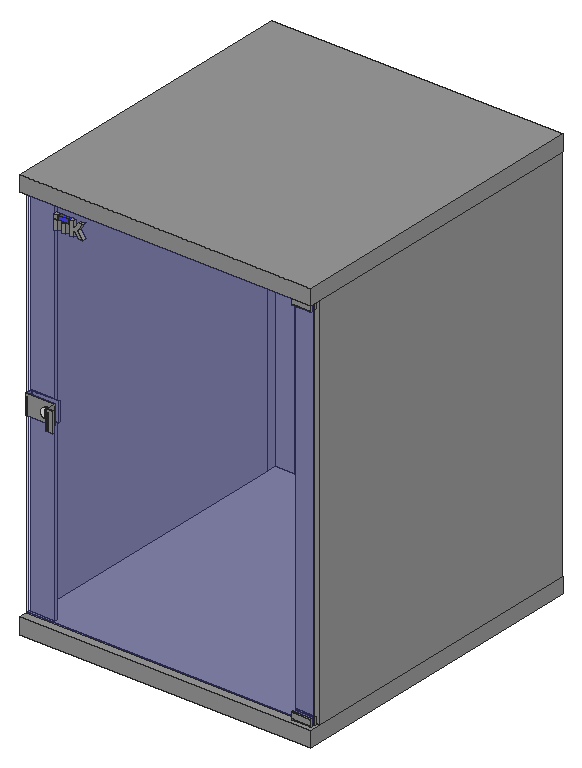
Revit family "ITK_Шкаф  LINEA WE_настенный_6U-18U_IP20", category Электрооборудование, Revit 2019
Family settings
  Размер круглого соединителя = Использовать диаметр
  Тип детали = Другая панель
  На основе рабочей плоскости = Нет
  Всегда вертикально = Да
  При загрузке вырезать с полостями = Нет
  Общий = Нет
  Точка расчета площади = Нет
Parameters (values of type "В850хШ600хГ650_Серый_GF")
  Ширина = 600 mm
  Степень защиты = "IP20"  # constant formula
  Основание = 32 mm
  Материал стекла = Стекло
  Материал = Окраска - RAL 7035
  Комплект двери стеклянной_ITK = yes
  Комплект двери металлической_ITK = no
  Крышка задняя = no
  Изготовитель = "ITK"  # constant formula
  Дата изменения = ""
  Глубина = 650 mm
  Высота = 850 mm
  УГО двухдверного шкафа = no
  Тип монтажа = "Навесной"  # constant formula
  ΔХ [instance] = 2000 mm
  ΔY [instance] = 2000 mm
  URL = "https://www.iek.ru/"
  KSI_CPr_Строительные изделия = "61.1.04.08"  # constant formula
  KSI_CMa_Строительные материалы = "10.03.02.06"  # constant formula
  IEK_Цена за единицу = 9647.42
  IEK_Поиск в таблице имен = ""
  IEK_Описание = "Широкий ассортимент исполнений и габаритов. Сборно-разборная конструкция. Сборка и монтаж за 10 минут. L-образная форма 19\" монтажных профилей. 19\" монтажные профили регулируются по глубине и имеют цифровую маркировку высоты в юнитах. Компактность и малый вес. Все токопроводящие элементы конструкции имеют шпильки заземления. Дверь может легко и быстро перенавешиваться. Защитная пленка на стекле у обзорной двери. Хорошая естественная вентиляция, возможность установки дополнительных вентиляторных панелей серии ПВ. Наличие большого количества совместимых аксессуаров и комплектующих производства ITK. Выполнены в соответствии со стандартами IEC62208, IEC60950, ТР ТС 020/2011, ГОСТ 28601.1-90 и 28601.2-90, ГОСТ 14254. Поставляются в плоской компактной упаковке."
  IEK_URL = "https://www.itk-group.ru/produktsiya/catalog/oborudovanie_telekommunikatsionnoe/shkafy_telekommunikatsionnye/shkafy_nastennye/shkafy_serii_linea_we/600x650mm/itk_shkaf_nastennyy_linea_we_18u_600kh650mm_dver_steklo_seryy"
  ADSK_Примечание = ""
  ADSK_Позиция [instance] = ""
  ADSK_Наименование = "ITK Шкаф настенный LINEA WE 18U В850хШ600хГ650 мм, стеклянная  дверь,  серый"
  ADSK_Материал обозначение = ""
  ADSK_Материал наименование = "Листовая сталь"  # constant formula
  ADSK_Масса = 26
  ADSK_Марка = "LINEA WE"  # constant formula
  ADSK_Код изделия = "LWE3-18U67-GF"
  ADSK_Завод-изготовитель = "IEK"  # constant formula
  ADSK_Единица измерения = "шт"  # constant formula
  ADSK_Группирование = "I. ЩИТЫ И ПУЛЬТЫ"  # constant formula
  ADSK_Версия семейства = "1.0"  # constant formula
  ADSK_Версия Revit = "2019"  # constant formula
  ADSK_URL страницы изделия = "https://www.itk-group.ru/produktsiya/catalog/oborudovanie_telekommunikatsionnoe/shkafy_telekommunikatsionnye/shkafy_nastennye/shkafy_serii_linea_we/?pagec=100"
Types (48, lengths in mm): name | Ширина | Материал стекла | Материал | Комплект двери стеклянной_ITK | Комплект двери металлической_ITK | Глубина | Высота | IEK_Цена за единицу | IEK_URL | ADSK_Наименование | ADSK_Масса | ADSK_Код изделия
  В320хШ550хГ350_Серый_GF | 550 | Стекло | Окраска - RAL 7035 | yes | no | 350 | 320 | 4905.9 | "https://www.itk-group.ru/produktsiya/catalog/oborudovanie_telekommunikatsionnoe/shkafy_telekommunikatsionnye/shkafy_nastennye/shkafy_serii_linea_we/550x350mm/itk_shkaf_nastennyy_linea_we_6u_550kh350mm_dver_steklo_seryy" | "ITK Шкаф настенный LINEA WE 6U В320хШ550хГ350 мм, стеклянная  дверь,  серый" | 8.45 | "LWE3-06U53-GF"
  В320хШ550хГ350_Серый_MF | 550 | Окраска - RAL 7035 | Окраска - RAL 7035 | no | yes | 350 | 320 | 4660.49 | "https://www.itk-group.ru/produktsiya/catalog/oborudovanie_telekommunikatsionnoe/shkafy_telekommunikatsionnye/shkafy_nastennye/shkafy_serii_linea_we/550x350mm/itk_shkaf_nastennyy_linea_we_6u_550kh350mm_dver_metall_seryy" | "ITK Шкаф настенный LINEA WE 6U В320хШ550хГ350 мм, металлическая  дверь,  серый" | 8.12 | "LWE3-06U53-MF"
  В450хШ550хГ350_Серый_GF | 550 | Стекло | Окраска - RAL 7035 | yes | no | 350 | 450 | 5405.74 | "https://www.itk-group.ru/produktsiya/catalog/oborudovanie_telekommunikatsionnoe/shkafy_telekommunikatsionnye/shkafy_nastennye/shkafy_serii_linea_we/550x350mm/itk_shkaf_nastennyy_linea_we_9u_550kh350mm_dver_steklo_seryy" | "ITK Шкаф настенный LINEA WE 9U В450хШ550хГ350 мм, стеклянная  дверь,  серый" | 10.23 | "LWE3-09U53-GF"
  В450хШ550хГ350_Серый_MF | 550 | Окраска - RAL 7035 | Окраска - RAL 7035 | no | yes | 350 | 450 | 5187.76 | "https://www.itk-group.ru/produktsiya/catalog/oborudovanie_telekommunikatsionnoe/shkafy_telekommunikatsionnye/shkafy_nastennye/shkafy_serii_linea_we/550x350mm/itk_shkaf_nastennyy_linea_we_9u_550kh350mm_dver_metall_seryy" | "ITK Шкаф настенный LINEA WE 9U В450хШ550хГ350 мм, металлическая  дверь,  серый" | 9.67 | "LWE3-09U53-MF"
  В585хШ550хГ350_Серый_GF | 550 | Стекло | Окраска - RAL 7035 | yes | no | 350 | 585 | 6094.78 | "https://www.itk-group.ru/produktsiya/catalog/oborudovanie_telekommunikatsionnoe/shkafy_telekommunikatsionnye/shkafy_nastennye/shkafy_serii_linea_we/550x350mm/itk_shkaf_nastennyy_linea_we_12u_550kh350mm_dver_steklo_seryy" | "ITK Шкаф настенный LINEA WE 12U В585хШ550хГ350 мм, стеклянная  дверь,  серый" | 12.07 | "LWE3-12U53-GF"
  В585хШ550хГ350_Серый_MF | 550 | Окраска - RAL 7035 | Окраска - RAL 7035 | no | yes | 350 | 585 | 5723.98 | "https://www.itk-group.ru/produktsiya/catalog/oborudovanie_telekommunikatsionnoe/shkafy_telekommunikatsionnye/shkafy_nastennye/shkafy_serii_linea_we/550x350mm/itk_shkaf_nastennyy_linea_we_12u_550kh350mm_dver_metall_seryy" | "ITK Шкаф настенный LINEA WE 12U В585хШ550хГ350 мм, металлическая  дверь,  серый" | 11.26 | "LWE3-12U53-MF"
  В715хШ550хГ350_Серый_GF | 550 | Стекло | Окраска - RAL 7035 | yes | no | 350 | 715 | 6514.24 | "https://www.itk-group.ru/produktsiya/catalog/oborudovanie_telekommunikatsionnoe/shkafy_telekommunikatsionnye/shkafy_nastennye/shkafy_serii_linea_we/550x350mm/itk_shkaf_nastennyy_linea_we_15u_550kh350mm_dver_steklo_seryy" | "ITK Шкаф настенный LINEA WE 15U В715хШ550хГ350 мм, стеклянная  дверь,  серый" | 13.84 | "LWE3-15U53-GF"
  В715хШ550хГ350_Серый_MF | 550 | Окраска - RAL 7035 | Окраска - RAL 7035 | no | yes | 350 | 715 | 6076.51 | "https://www.itk-group.ru/produktsiya/catalog/oborudovanie_telekommunikatsionnoe/shkafy_telekommunikatsionnye/shkafy_nastennye/shkafy_serii_linea_we/550x350mm/itk_shkaf_nastennyy_linea_we_15u_550kh350mm_dver_metall_seryy" | "ITK Шкаф настенный LINEA WE 15U В715хШ550хГ350 мм, металлическая  дверь,  серый" | 12.82 | "LWE3-15U53-MF"
  В320хШ550хГ350_Черный_GF | 550 | Стекло | Окраска - RAL 9005 | yes | no | 350 | 320 | 4905.9 | "https://www.itk-group.ru/produktsiya/catalog/oborudovanie_telekommunikatsionnoe/shkafy_telekommunikatsionnye/shkafy_nastennye/shkafy_serii_linea_we/550x350mm/itk_shkaf_nastennyy_linea_we_6u_550kh350mm_dver_steklo_chernyy" | "ITK Шкаф настенный LINEA WE 6U В320хШ550хГ350 мм, стеклянная  дверь,  черный" | 8.45 | "LWE5-06U53-GF"
  В450хШ550хГ350_Черный_GF | 550 | Стекло | Окраска - RAL 9005 | yes | no | 350 | 450 | 5405.74 | "https://www.itk-group.ru/produktsiya/catalog/oborudovanie_telekommunikatsionnoe/shkafy_telekommunikatsionnye/shkafy_nastennye/shkafy_serii_linea_we/550x350mm/itk_shkaf_nastennyy_linea_we_9u_550kh350mm_dver_steklo_chernyy" | "ITK Шкаф настенный LINEA WE 9U В450хШ550хГ350 мм, стеклянная  дверь,  черный" | 10.23 | "LWE5-09U53-GF"
  В585хШ550хГ350_Черный_GF | 550 | Стекло | Окраска - RAL 9005 | yes | no | 350 | 585 | 6094.78 | "https://www.itk-group.ru/produktsiya/catalog/oborudovanie_telekommunikatsionnoe/shkafy_telekommunikatsionnye/shkafy_nastennye/shkafy_serii_linea_we/550x350mm/itk_shkaf_nastennyy_linea_we_12u_550kh350mm_dver_steklo_chernyy" | "ITK Шкаф настенный LINEA WE 12U В585хШ550хГ350 мм, стеклянная  дверь,  черный" | 12.07 | "LWE5-12U53-GF"
  В715хШ550хГ350_Черный_GF | 550 | Стекло | Окраска - RAL 9005 | yes | no | 350 | 715 | 6514.24 | "https://www.itk-group.ru/produktsiya/catalog/oborudovanie_telekommunikatsionnoe/shkafy_telekommunikatsionnye/shkafy_nastennye/shkafy_serii_linea_we/550x350mm/itk_shkaf_nastennyy_linea_we_15u_550kh350mm_dver_steklo_chernyy" | "ITK Шкаф настенный LINEA WE 15U В715хШ550хГ350 мм, стеклянная  дверь,  черный" | 13.84 | "LWE5-15U53-GF"
  В320хШ600хГ450_Серый_GF | 600 | Стекло | Окраска - RAL 7035 | yes | no | 450 | 320 | 5357.96 | "https://www.itk-group.ru/produktsiya/catalog/oborudovanie_telekommunikatsionnoe/shkafy_telekommunikatsionnye/shkafy_nastennye/shkafy_serii_linea_we/600x450mm/itk_shkaf_nastennyy_linea_we_6u_600kh450mm_dver_steklo_seryy" | "ITK Шкаф настенный LINEA WE 6U В320хШ600хГ450 мм, стеклянная  дверь,  серый" | 11.32 | "LWE3-06U64-GF"
  В320хШ600хГ450_Серый_MF | 600 | Окраска - RAL 7035 | Окраска - RAL 7035 | no | yes | 450 | 320 | 5168.04 | "https://www.itk-group.ru/produktsiya/catalog/oborudovanie_telekommunikatsionnoe/shkafy_telekommunikatsionnye/shkafy_nastennye/shkafy_serii_linea_we/600x450mm/itk_shkaf_nastennyy_linea_we_6u_600kh450mm_dver_metall_seryy" | "ITK Шкаф настенный LINEA WE 6U В320хШ600хГ450 мм, металлическая  дверь,  серый" | 11.02 | "LWE3-06U64-MF"
  В450хШ600хГ450_Серый_GF | 600 | Стекло | Окраска - RAL 7035 | yes | no | 450 | 450 | 5913 | "https://www.itk-group.ru/produktsiya/catalog/oborudovanie_telekommunikatsionnoe/shkafy_telekommunikatsionnye/shkafy_nastennye/shkafy_serii_linea_we/600x450mm/itk_shkaf_nastennyy_linea_we_9u_600kh450mm_dver_steklo_seryy" | "ITK Шкаф настенный LINEA WE 9U В450хШ600хГ450 мм, стеклянная  дверь,  серый" | 13.57 | "LWE3-09U64-GF"
  В450хШ600хГ450_Серый_MF | 600 | Окраска - RAL 7035 | Окраска - RAL 7035 | no | yes | 450 | 450 | 5454.82 | "https://www.itk-group.ru/produktsiya/catalog/oborudovanie_telekommunikatsionnoe/shkafy_telekommunikatsionnye/shkafy_nastennye/shkafy_serii_linea_we/600x450mm/itk_shkaf_nastennyy_linea_we_9u_600kh450mm_dver_metall_seryy" | "ITK Шкаф настенный LINEA WE 9U В450хШ600хГ450 мм, металлическая  дверь,  серый" | 12.79 | "LWE3-09U64-MF"
  В585хШ600хГ450_Серый_GF | 600 | Стекло | Окраска - RAL 7035 | yes | no | 450 | 585 | 6654.06 | "https://www.itk-group.ru/produktsiya/catalog/oborudovanie_telekommunikatsionnoe/shkafy_telekommunikatsionnye/shkafy_nastennye/shkafy_serii_linea_we/600x450mm/itk_shkaf_nastennyy_linea_we_12u_600kh450mm_dver_steklo_seryy" | "ITK Шкаф настенный LINEA WE 12U В585хШ600хГ450 мм, стеклянная  дверь,  серый" | 15.83 | "LWE3-12U64-GF"
  В585хШ600хГ450_Серый_MF | 600 | Окраска - RAL 7035 | Окраска - RAL 7035 | no | yes | 450 | 585 | 5998.36 | "https://www.itk-group.ru/produktsiya/catalog/oborudovanie_telekommunikatsionnoe/shkafy_telekommunikatsionnye/shkafy_nastennye/shkafy_serii_linea_we/600x450mm/itk_shkaf_nastennyy_linea_we_12u_600kh450mm_dver_metall_seryy" | "ITK Шкаф настенный LINEA WE 12U В585хШ600хГ450 мм, металлическая  дверь,  серый" | 14.95 | "LWE3-12U64-MF"
  В715хШ600хГ450_Серый_GF | 600 | Стекло | Окраска - RAL 7035 | yes | no | 450 | 715 | 7270.44 | "https://www.itk-group.ru/produktsiya/catalog/oborudovanie_telekommunikatsionnoe/shkafy_telekommunikatsionnye/shkafy_nastennye/shkafy_serii_linea_we/600x450mm/itk_shkaf_nastennyy_linea_we_15u_600kh450mm_dver_steklo_seryy" | "ITK Шкаф настенный LINEA WE 15U В715хШ600хГ450 мм, стеклянная  дверь,  серый" | 18.26 | "LWE3-15U64-GF"
  В715хШ600хГ450_Серый_MF | 600 | Окраска - RAL 7035 | Окраска - RAL 7035 | no | yes | 450 | 715 | 6586.84 | "https://www.itk-group.ru/produktsiya/catalog/oborudovanie_telekommunikatsionnoe/shkafy_telekommunikatsionnye/shkafy_nastennye/shkafy_serii_linea_we/600x450mm/itk_shkaf_nastennyy_linea_we_15u_600kh450mm_dver_metall_seryy" | "ITK Шкаф настенный LINEA WE 15U В715хШ600хГ450 мм, металлическая  дверь,  серый" | 16.87 | "LWE3-15U64-MF"
  В320хШ600хГ450_Черный_GF | 600 | Стекло | Окраска - RAL 9005 | yes | no | 450 | 320 | 5357.96 | "https://www.itk-group.ru/produktsiya/catalog/oborudovanie_telekommunikatsionnoe/shkafy_telekommunikatsionnye/shkafy_nastennye/shkafy_serii_linea_we/600x450mm/itk_shkaf_nastennyy_linea_we_6u_600kh450mm_dver_steklo_chernyy" | "ITK Шкаф настенный LINEA WE 6U В320хШ600хГ450 мм, стеклянная  дверь,  черный" | 11.32 | "LWE5-06U64-GF"
  В450хШ600хГ450_Черный_GF | 600 | Стекло | Окраска - RAL 9005 | yes | no | 450 | 450 | 5913 | "https://www.itk-group.ru/produktsiya/catalog/oborudovanie_telekommunikatsionnoe/shkafy_telekommunikatsionnye/shkafy_nastennye/shkafy_serii_linea_we/600x450mm/itk_shkaf_nastennyy_linea_we_9u_600kh450mm_dver_steklo_chernyy" | "ITK Шкаф настенный LINEA WE 9U В450хШ600хГ450 мм, стеклянная  дверь,  черный" | 13.57 | "LWE5-09U64-GF"
  В585хШ600хГ450_Черный_GF | 600 | Стекло | Окраска - RAL 9005 | yes | no | 450 | 585 | 6654.06 | "https://www.itk-group.ru/produktsiya/catalog/oborudovanie_telekommunikatsionnoe/shkafy_telekommunikatsionnye/shkafy_nastennye/shkafy_serii_linea_we/600x450mm/itk_shkaf_nastennyy_linea_we_12u_600kh450mm_dver_steklo_chernyy" | "ITK Шкаф настенный LINEA WE 12U В585хШ600хГ450 мм, стеклянная  дверь,  черный" | 15.83 | "LWE5-12U64-GF"
  В715хШ600хГ450_Черный_GF | 600 | Стекло | Окраска - RAL 9005 | yes | no | 450 | 715 | 7270.44 | "https://www.itk-group.ru/produktsiya/catalog/oborudovanie_telekommunikatsionnoe/shkafy_telekommunikatsionnye/shkafy_nastennye/shkafy_serii_linea_we/600x450mm/itk_shkaf_nastennyy_linea_we_15u_600kh450mm_dver_steklo_chernyy" | "ITK Шкаф настенный LINEA WE 15U В715хШ600хГ450 мм, стеклянная  дверь,  черный" | 18.26 | "LWE5-15U64-GF"
  В320хШ600хГ600_Серый_GF | 600 | Стекло | Окраска - RAL 7035 | yes | no | 600 | 320 | 6555.12 | "https://www.itk-group.ru/produktsiya/catalog/oborudovanie_telekommunikatsionnoe/shkafy_telekommunikatsionnye/shkafy_nastennye/shkafy_serii_linea_we/600x600mm/itk_shkaf_nastennyy_linea_we_6u_600kh600mm_dver_steklo_seryy" | "ITK Шкаф настенный LINEA WE 6U В320хШ600хГ600 мм, стеклянная  дверь,  серый" | 14.36 | "LWE3-06U66-GF"
  В320хШ600хГ600_Серый_MF | 600 | Окраска - RAL 7035 | Окраска - RAL 7035 | no | yes | 600 | 320 | 5977.15 | "https://www.itk-group.ru/produktsiya/catalog/oborudovanie_telekommunikatsionnoe/shkafy_telekommunikatsionnye/shkafy_nastennye/shkafy_serii_linea_we/600x600mm/itk_shkaf_nastennyy_linea_we_6u_600kh600mm_dver_metall_seryy" | "ITK Шкаф настенный LINEA WE 6U В320хШ600хГ600 мм, металлическая  дверь,  серый" | 13.86 | "LWE3-06U66-MF"
  В450хШ600хГ600_Серый_GF | 600 | Стекло | Окраска - RAL 7035 | yes | no | 600 | 450 | 7008.24 | "https://www.itk-group.ru/produktsiya/catalog/oborudovanie_telekommunikatsionnoe/shkafy_telekommunikatsionnye/shkafy_nastennye/shkafy_serii_linea_we/600x600mm/itk_shkaf_nastennyy_linea_we_9u_600kh600mm_dver_steklo_seryy" | "ITK Шкаф настенный LINEA WE 9U В450хШ600хГ600 мм, стеклянная  дверь,  серый" | 16.81 | "LWE3-09U66-GF"
  В450хШ600хГ600_Серый_MF | 600 | Окраска - RAL 7035 | Окраска - RAL 7035 | no | yes | 600 | 450 | 6462.16 | "https://www.itk-group.ru/produktsiya/catalog/oborudovanie_telekommunikatsionnoe/shkafy_telekommunikatsionnye/shkafy_nastennye/shkafy_serii_linea_we/600x600mm/itk_shkaf_nastennyy_linea_we_9u_600kh600mm_dver_metall_seryy" | "ITK Шкаф настенный LINEA WE 9U В450хШ600хГ600 мм, металлическая  дверь,  серый" | 16.12 | "LWE3-09U66-MF"
  В585хШ600хГ600_Серый_GF | 600 | Стекло | Окраска - RAL 7035 | yes | no | 600 | 585 | 7710.8 | "https://www.itk-group.ru/produktsiya/catalog/oborudovanie_telekommunikatsionnoe/shkafy_telekommunikatsionnye/shkafy_nastennye/shkafy_serii_linea_we/600x600mm/itk_shkaf_nastennyy_linea_we_12u_600kh600mm_dver_steklo_seryy" | "ITK Шкаф настенный LINEA WE 12U В585хШ600хГ600 мм, стеклянная  дверь,  серый" | 19.35 | "LWE3-12U66-GF"
  В715хШ600хГ600_Серый_GF | 600 | Стекло | Окраска - RAL 7035 | yes | no | 600 | 715 | 8381.8 | "https://www.itk-group.ru/produktsiya/catalog/oborudovanie_telekommunikatsionnoe/shkafy_telekommunikatsionnye/shkafy_nastennye/shkafy_serii_linea_we/600x600mm/itk_shkaf_nastennyy_linea_we_15u_600kh600mm_dver_steklo_seryy" | "ITK Шкаф настенный LINEA WE 15U В715хШ600хГ600 мм, стеклянная  дверь,  серый" | 22.37 | "LWE3-15U66-GF"
  В715хШ600хГ600_Серый_MF | 600 | Окраска - RAL 7035 | Окраска - RAL 7035 | no | yes | 600 | 715 | 7817.44 | "https://www.itk-group.ru/produktsiya/catalog/oborudovanie_telekommunikatsionnoe/shkafy_telekommunikatsionnye/shkafy_nastennye/shkafy_serii_linea_we/600x600mm/itk_shkaf_nastennyy_linea_we_15u_600kh600mm_dver_metall_seryy" | "ITK Шкаф настенный LINEA WE 15U В715хШ600хГ600 мм, металлическая  дверь,  серый" | 21.07 | "LWE3-15U66-MF"
  В320хШ600хГ600_Черный_GF | 600 | Стекло | Окраска - RAL 9005 | yes | no | 600 | 320 | 6555.12 | "https://www.itk-group.ru/produktsiya/catalog/oborudovanie_telekommunikatsionnoe/shkafy_telekommunikatsionnye/shkafy_nastennye/shkafy_serii_linea_we/600x600mm/itk_shkaf_nastennyy_linea_we_6u_600kh600mm_dver_steklo_chernyy" | "ITK Шкаф настенный LINEA WE 6U В320хШ600хГ600 мм, стеклянная  дверь,  черный" | 14.36 | "LWE5-06U66-GF"
  В450хШ600хГ600_Черный_GF | 600 | Стекло | Окраска - RAL 9005 | yes | no | 600 | 450 | 7008.24 | "https://www.itk-group.ru/produktsiya/catalog/oborudovanie_telekommunikatsionnoe/shkafy_telekommunikatsionnye/shkafy_nastennye/shkafy_serii_linea_we/600x600mm/itk_shkaf_nastennyy_linea_we_9u_600kh600mm_dver_steklo_chernyy" | "ITK Шкаф настенный LINEA WE 9U В450хШ600хГ600 мм, стеклянная  дверь,  черный" | 16.81 | "LWE5-09U66-GF"
  В585хШ600хГ600_Черный_GF | 600 | Стекло | Окраска - RAL 9005 | yes | no | 600 | 585 | 7710.8 | "https://www.itk-group.ru/produktsiya/catalog/oborudovanie_telekommunikatsionnoe/shkafy_telekommunikatsionnye/shkafy_nastennye/shkafy_serii_linea_we/600x600mm/itk_shkaf_nastennyy_linea_we_12u_600kh600mm_dver_steklo_chernyy" | "ITK Шкаф настенный LINEA WE 12U В585хШ600хГ600 мм, стеклянная  дверь,  черный" | 19.35 | "LWE5-12U66-GF"
  В715хШ600хГ600_Черный_GF | 600 | Стекло | Окраска - RAL 9005 | yes | no | 600 | 715 | 8381.8 | "https://www.itk-group.ru/produktsiya/catalog/oborudovanie_telekommunikatsionnoe/shkafy_telekommunikatsionnye/shkafy_nastennye/shkafy_serii_linea_we/600x600mm/itk_shkaf_nastennyy_linea_we_15u_600kh600mm_dver_steklo_chernyy" | "ITK Шкаф настенный LINEA WE 15U В715хШ600хГ600 мм, стеклянная  дверь,  черный" | 22.37 | "LWE5-15U66-GF"
  В320хШ600хГ650_Серый_GF | 600 | Стекло | Окраска - RAL 7035 | yes | no | 600 | 320 | 7317.64 | "https://www.itk-group.ru/produktsiya/catalog/oborudovanie_telekommunikatsionnoe/shkafy_telekommunikatsionnye/shkafy_nastennye/shkafy_serii_linea_we/600x650mm/itk_shkaf_nastennyy_linea_we_6u_600kh650mm_dver_steklo_seryy" | "ITK Шкаф настенный LINEA WE 6U В320хШ600хГ650 мм, стеклянная  дверь,  серый" | 15.11 | "LWE3-06U67-GF"
  В320хШ600хГ650_Серый_MF | 600 | Окраска - RAL 7035 | Окраска - RAL 7035 | no | yes | 600 | 320 | 6854.51 | "https://www.itk-group.ru/produktsiya/catalog/oborudovanie_telekommunikatsionnoe/shkafy_telekommunikatsionnye/shkafy_nastennye/shkafy_serii_linea_we/600x650mm/itk_shkaf_nastennyy_linea_we_6u_600kh650mm_dver_metall_seryy" | "ITK Шкаф настенный LINEA WE 6U В320хШ600хГ650 мм, металлическая  дверь,  серый" | 14.82 | "LWE3-06U67-MF"
  В450хШ600хГ650_Серый_GF | 600 | Стекло | Окраска - RAL 7035 | yes | no | 600 | 450 | 7676.05 | "https://www.itk-group.ru/produktsiya/catalog/oborudovanie_telekommunikatsionnoe/shkafy_telekommunikatsionnye/shkafy_nastennye/shkafy_serii_linea_we/600x650mm/itk_shkaf_nastennyy_linea_we_9u_600kh650mm_dver_steklo_seryy" | "ITK Шкаф настенный LINEA WE 9U В450хШ600хГ650 мм, стеклянная  дверь,  серый" | 17.81 | "LWE3-09U67-GF"
  В450хШ600хГ650_Серый_MF | 600 | Окраска - RAL 7035 | Окраска - RAL 7035 | no | yes | 600 | 450 | 7203.12 | "https://www.itk-group.ru/produktsiya/catalog/oborudovanie_telekommunikatsionnoe/shkafy_telekommunikatsionnye/shkafy_nastennye/shkafy_serii_linea_we/600x650mm/itk_shkaf_nastennyy_linea_we_9u_600kh650mm_dver_metall_seryy" | "ITK Шкаф настенный LINEA WE 9U В450хШ600хГ650 мм, металлическая  дверь,  серый" | 17.18 | "LWE3-09U67-MF"
  В585хШ600хГ650_Серый_GF | 600 | Стекло | Окраска - RAL 7035 | yes | no | 600 | 585 | 8193.29 | "https://www.itk-group.ru/produktsiya/catalog/oborudovanie_telekommunikatsionnoe/shkafy_telekommunikatsionnye/shkafy_nastennye/shkafy_serii_linea_we/600x650mm/itk_shkaf_nastennyy_linea_we_12u_600kh650mm_dver_steklo_seryy" | "ITK Шкаф настенный LINEA WE 12U В585хШ600хГ650 мм, стеклянная  дверь,  серый" | 20.57 | "LWE3-12U67-GF"
  В585хШ600хГ650_Серый_MF | 600 | Окраска - RAL 7035 | Окраска - RAL 7035 | no | yes | 650 | 585 | 7369.82 | "https://www.itk-group.ru/produktsiya/catalog/oborudovanie_telekommunikatsionnoe/shkafy_telekommunikatsionnye/shkafy_nastennye/shkafy_serii_linea_we/600x650mm/itk_shkaf_nastennyy_linea_we_12u_600kh650mm_dver_metall_seryy" | "ITK Шкаф настенный LINEA WE 12U В585хШ600хГ650 мм, металлическая  дверь,  серый" | 19.65 | "LWE3-12U67-MF"
  В715хШ600хГ650_Серый_GF | 600 | Стекло | Окраска - RAL 7035 | yes | no | 650 | 715 | 8914 | "https://www.itk-group.ru/produktsiya/catalog/oborudovanie_telekommunikatsionnoe/shkafy_telekommunikatsionnye/shkafy_nastennye/shkafy_serii_linea_we/600x650mm/itk_shkaf_nastennyy_linea_we_15u_600kh650mm_dver_steklo_seryy" | "ITK Шкаф настенный LINEA WE 15U В715хШ600хГ650 мм, стеклянная  дверь,  серый" | 23.16 | "LWE3-15U67-GF"
  В715хШ600хГ650_Серый_MF | 600 | Окраска - RAL 7035 | Окраска - RAL 7035 | no | yes | 650 | 715 | 8100.68 | "https://www.itk-group.ru/produktsiya/catalog/oborudovanie_telekommunikatsionnoe/shkafy_telekommunikatsionnye/shkafy_nastennye/shkafy_serii_linea_we/600x650mm/itk_shkaf_nastennyy_linea_we_15u_600kh650mm_dver_metall_seryy" | "ITK Шкаф настенный LINEA WE 15U В715хШ600хГ650 мм, металлическая  дверь,  серый" | 22.02 | "LWE3-15U67-MF"
  В850хШ600хГ650_Серый_GF | 600 | Стекло | Окраска - RAL 7035 | yes | no | 650 | 850 | 9647.42 | "https://www.itk-group.ru/produktsiya/catalog/oborudovanie_telekommunikatsionnoe/shkafy_telekommunikatsionnye/shkafy_nastennye/shkafy_serii_linea_we/600x650mm/itk_shkaf_nastennyy_linea_we_18u_600kh650mm_dver_steklo_seryy" | "ITK Шкаф настенный LINEA WE 18U В850хШ600хГ650 мм, стеклянная  дверь,  серый" | 26 | "LWE3-18U67-GF"
  В320хШ600хГ650_Черный_GF | 600 | Стекло | Окраска - RAL 9005 | yes | no | 650 | 320 | 7317.64 | "https://www.itk-group.ru/produktsiya/catalog/oborudovanie_telekommunikatsionnoe/shkafy_telekommunikatsionnye/shkafy_nastennye/shkafy_serii_linea_we/600x650mm/itk_shkaf_nastennyy_linea_we_6u_600kh650mm_dver_steklo_chernyy" | "ITK Шкаф настенный LINEA WE 6U В320хШ600хГ650 мм, стеклянная  дверь,  черный" | 15.11 | "LWE5-06U67-GF"
  В450хШ600хГ650_Черный_GF | 600 | Стекло | Окраска - RAL 9005 | yes | no | 650 | 450 | 7676.05 | "https://www.itk-group.ru/produktsiya/catalog/oborudovanie_telekommunikatsionnoe/shkafy_telekommunikatsionnye/shkafy_nastennye/shkafy_serii_linea_we/600x650mm/itk_shkaf_nastennyy_linea_we_9u_600kh650mm_dver_steklo_chernyy" | "ITK Шкаф настенный LINEA WE 9U В450хШ600хГ650 мм, стеклянная дверь,  черный" | 17.81 | "LWE5-09U67-GF"
  В585хШ600хГ650_Черный_GF | 600 | Стекло | Окраска - RAL 9005 | yes | no | 650 | 585 | 8193.29 | "https://www.itk-group.ru/produktsiya/catalog/oborudovanie_telekommunikatsionnoe/shkafy_telekommunikatsionnye/shkafy_nastennye/shkafy_serii_linea_we/600x650mm/itk_shkaf_nastennyy_linea_we_12u_600kh650mm_dver_steklo_chernyy" | "ITK Шкаф настенный LINEA WE 12U В585хШ600хГ650 мм, стеклянная  дверь,  черный" | 20.53 | "LWE5-12U67-GF"
  В715хШ600хГ650_Черный_GF | 600 | Стекло | Окраска - RAL 9005 | yes | no | 650 | 715 | 8914 | "https://www.itk-group.ru/produktsiya/catalog/oborudovanie_telekommunikatsionnoe/shkafy_telekommunikatsionnye/shkafy_nastennye/shkafy_serii_linea_we/600x650mm/itk_shkaf_nastennyy_linea_we_15u_600kh650mm_dver_steklo_chernyy" | "ITK Шкаф настенный LINEA WE 15U В715хШ600хГ650 мм, стеклянная  дверь,  черный" | 23.16 | "LWE5-15U67-GF"
Reference planes
  plane 1 "По центру (Вперед/Назад)": y = 0
  plane 2: z = 0
  plane 3 "По центру (Влево/Вправо)": x = 0
  plane 4: y = -650
  plane 5: x = -300
  plane 6: x = 300
  plane 7 "Высота ножек": z = 32
  plane 8 "Высота": z = 850
  plane 9 "Смещение УГО по X": x = -2000
  plane 10 "Смещение УГО по Y": y = 2000
  plane 11: z = 818
  plane 12: y = -1
  plane 13: y = -624.5
  plane 14: x = -249
  plane 15: x = -299
  plane 16: x = 299
  plane 17: x = 249
Forms (mm)
  Extrusion 1, solid, detail levels medium
    sketch origin (0, 0, 0) x (1, 0, 0) y (0, 1, 0)
      loop
        line (-300, 0) -> (-300, -650) -> (300, -650) -> (300, 0) -> (-300, 0)
    from 0 to 850 <- "Высота"
  Extrusion 2, solid, detail levels coarse
    sketch origin (0, 0, 0) x (1, 0, 0) y (0, 1, 0)
      loop
        line (-300, 0) -> (-300, -650) -> (300, -650) -> (300, 0) -> (-300, 0)
    from 0 to 850 <- "Высота"
  Extrusion 3, solid, material "Окраска - RAL 7035" <- "Материал", detail levels fine
    sketch origin (0, 0, 0) x (1, 0, 0) y (0, 0, 1)
      loop
        line (-300, 818) -> (300, 818) -> (300, 850) -> (-300, 850) -> (-300, 818)
      loop
        line (-300, 32) -> (-300, 0) -> (300, 0) -> (300, 32) -> (-300, 32)
    from 0 to 650 <- "Глубина"
  Extrusion 4, solid, material "Окраска - RAL 7035" <- "Материал", detail levels fine
    sketch origin (0, 0, 0) x (1, 0, 0) y (0, 1, 0)
      loop
        line (-299, -1) -> (-299, -624.5) -> (-249, -624.5) -> (-249, -619.5) -> (-289, -619.5) -> (-289, -24.5) -> (-289, -6) -> (-249, -6) -> (-249, -1) -> (-299, -1)
      loop
        line (299, -1) -> (249, -1) -> (249, -6) -> (289, -6) -> (289, -24.5) -> (289, -619.5) -> (249, -619.5) -> (249, -624.5) -> (299, -624.5) -> (299, -1)
    from 32 to 818
Lines and regions (mm)
  reference lines
    curve 1: line (95, 0, 0) -> (320, 0, 0)
    curve 2: line (0, -680, 0) -> (0, 300, 0)
Dimensions and locks
  equal spacing: plane 5, plane 3 "По центру (Влево/Вправо)", plane 6
  "Ширина": plane 5 to plane 6
  "Глубина": plane 1 "По центру (Вперед/Назад)" to plane 4
  "Высота": plane 8 "Высота" to plane 2
  "ΔY": plane 10 "Смещение УГО по Y" to curve 1
  "ΔХ": plane 9 "Смещение УГО по X" to curve 2
  "Основание": plane 8 "Высота" to plane 11
  "Основание": plane 7 "Высота ножек" to plane 2
  locked: plane 12 to plane 1 "По центру (Вперед/Назад)" at 1
  locked: plane 13 to plane 4 at 25.5
  locked: plane 5 to plane 15 at 1
  locked: plane 16 to plane 6 at 1
  locked: plane 15 to plane 14 at 50
  locked: plane 17 to plane 16 at 50
  aligned and locked: level to plane 2
  aligned and locked: nested 1 to curve 2
  aligned and locked: nested 1 to curve 1
  aligned and locked: Extrusion 1 sketch curve to plane 5
  aligned and locked: Extrusion 1 sketch curve to plane 1 "По центру (Вперед/Назад)"
  aligned and locked: Extrusion 1 sketch curve to plane 6
  aligned and locked: Extrusion 1 sketch curve to plane 4
  aligned and locked: Extrusion 2 sketch curve to plane 5
  aligned and locked: Extrusion 2 sketch curve to plane 1 "По центру (Вперед/Назад)"
  aligned and locked: Extrusion 2 sketch curve to plane 6
  aligned and locked: Extrusion 2 sketch curve to plane 4
  aligned and locked: Extrusion 3 sketch curve to plane 11
  aligned and locked: Extrusion 3 sketch curve to plane 6  (x2)
  aligned and locked: Extrusion 3 sketch curve to plane 5  (x2)
  aligned and locked: Extrusion 3 sketch curve to plane 8 "Высота"
  aligned and locked: Extrusion 3 sketch curve to plane 7 "Высота ножек"
  aligned and locked: Extrusion 3 sketch curve to plane 2
  aligned and locked: Extrusion 4 sketch curve to plane 15
  aligned and locked: Extrusion 4 sketch curve to plane 12
  aligned and locked: Extrusion 4 sketch curve to plane 13
  aligned and locked: plane 11 to Extrusion 4
  aligned and locked: Extrusion 4 to plane 7 "Высота ножек"
  aligned and locked: nested 3 to plane 12
Automatic sketch dimensions
  Extrusion 4 sketch curve to plane 14 = 0 mm  (x2)
  Extrusion 4 sketch curve to plane 12 = 0 mm
  Extrusion 4 sketch curve to plane 17 = 0 mm  (x2)
  Extrusion 4 sketch curve to plane 16 = 0 mm
  Extrusion 4 sketch curve to plane 13 = 0 mm
  plane 15 to Extrusion 4 sketch curve = 10 mm
  plane 13 to Extrusion 4 sketch curve = 5 mm  (x2)
  Extrusion 4 sketch curve to plane 16 = 10 mm
  Extrusion 4 sketch curve to plane 12 = 23.5 mm  (x2)
  Extrusion 4 sketch curve to plane 12 = 5 mm  (x2)
  plane 3 "По центру (Влево/Вправо)" to curve 1 = 95 mm
  plane 6 to curve 1 = 20 mm
  curve 2 to plane 4 = 30 mm
  curve 2 to plane 1 "По центру (Вперед/Назад)" = 300 mm
Nested families
  nested 1: "УГО_шкафа_ITK" at (0, -325, 0), type "УГО двудверного шкафа", detail levels coarse+medium
    with Вторая дверь no, Ширина УГО 600 mm, Засечка УГО 260 mm, Глубина УГО 650 mm
  nested 2: "Комплект двери стеклянной_ITK" at (0, 0, 0), visible <- "Комплект двери стеклянной_ITK", type "Комплект двери стеклянной_ITK", detail levels fine
    with Ширина 600 mm, Глубина двери стеклянной 638.5 mm, Глубина 650 mm, Высота 850 mm
  nested 3: "Крышка задняя" at (0, 0, 0), Высота <- "Высота", Ширина <- "Ширина", Материал <- "Материал", visible <- "Крышка задняя", type "Крышка задняя"
    with Ширина 600 mm, Материал Окраска - RAL 7035, Высота 850 mm
  nested 4: "Комплект двери металлической_ITK" at (0, 0, 0), visible <- "Комплект двери металлической_ITK", type "Комплект двери металлической_ITK", detail levels fine
    with Ширина 600 mm, Глубина двери металлической 642 mm, Глубина 650 mm, Высота 850 mm
Connectors
  electrical at (0, -325, 0)
    settings: on Extrusion 1, index 1, voltage 0 V, apparent load 0 VA, apparent load phase1 0 VA, apparent load phase2 0 VA, apparent load phase3 0 VA, power factor 1, load classification "Прочее", number of poles 1, system type 9, power factor state 1, is connector primary yes, connector utility no, sub classification motor no, connector description ""
Definition of nested family "Комплект двери стеклянной_ITK"
  Parameters (values of type "Комплект двери стеклянной_ITK")
    Ширина = 1000 mm
    Основание = 32 mm
    Материал стекла (перфорации) = none
    Материал = none
    Глубина двери стеклянной = Глубина - 11.5 mm  # 488.5 mm
    Глубина = 500 mm
    Высота = 1000 mm
  Reference planes
    plane 1 "По центру (Вперед/Назад)": y = 0
    plane 2: z = 0
    plane 3 "По центру (Влево/Вправо)": x = 0
    plane 4: x = -500
    plane 5: x = 500
    plane 6: y = -488.5
    plane 7: y = -484.5
    plane 8 "Дверь-4": z = 35.5
    plane 9: z = 32
    plane 10: z = 498.25
    plane 11: x = -417
    plane 12: z = 1000
    plane 13 "Дверь-2": z = 964.5
    plane 14 "Дверь-1": x = -495
    plane 15 "Дверь-3": x = 497
    plane 16: z = 949.5
    plane 17: x = 455
  Forms (mm)
    Extrusion 1, solid, material <- "Материал стекла (перфорации)", detail levels fine
      sketch origin (0, 0, 0) x (1, 0, 0) y (0, 0, 1)
        loop
          line (-495, 964.5) -> (-495, 35.5) -> (497, 35.5) -> (497, 964.5) -> (-495, 964.5)
      from 484.5 to 488.5
  Dimensions and locks
    "Глубина двери стеклянной": plane 6 to plane 1 "По центру (Вперед/Назад)"
    equal spacing: plane 4, plane 3 "По центру (Влево/Вправо)", plane 5
    "Ширина": plane 4 to plane 5
    locked: plane 6 to plane 7 at 4
    "Основание": plane 9 to plane 2
    equal spacing: plane 13 "Дверь-2", plane 10, plane 9
    locked: plane 4 to plane 11 at 83
    locked: plane 8 "Дверь-4" to plane 9 at 3.5
    locked: plane 12 to plane 13 "Дверь-2" at 35.5
    locked: plane 14 "Дверь-1" to plane 4 at 5
    locked: plane 15 "Дверь-3" to plane 5 at 3
    locked: plane 13 "Дверь-2" to plane 16 at 15
    "Высота": plane 12 to plane 2
    locked: plane 7 to nested 2 at 4.023
    nested 2 to plane 5 = 5 mm
    locked: nested 3 to plane 5 at 5
    locked: nested 3 to Extrusion 1 at 4.023
    locked: plane 15 "Дверь-3" to plane 17 at 42
    aligned and locked: level to plane 2
    aligned and locked: Extrusion 1 sketch curve to plane 14 "Дверь-1"
    aligned and locked: Extrusion 1 sketch curve to plane 13 "Дверь-2"
    aligned and locked: Extrusion 1 sketch curve to plane 15 "Дверь-3"
    aligned and locked: Extrusion 1 sketch curve to plane 8 "Дверь-4"
    aligned and locked: plane 6 to Extrusion 1
    aligned and locked: Extrusion 1 to plane 7
    aligned and locked: plane 16 to nested 1
    aligned and locked: nested 1 to plane 11
    aligned and locked: plane 17 to nested 2
    aligned and locked: plane 17 to nested 3
    aligned and locked: plane 8 "Дверь-4" to nested 3
    aligned and locked: nested 2 to plane 13 "Дверь-2"
    aligned and locked: nested 4 to plane 6
    aligned and locked: plane 14 "Дверь-1" to nested 4
    aligned and locked: nested 4 to plane 10
  Nested families
    nested 1: "Логотип_ITK" at (-409.295, -488.5, 920.09) x (1, 0, 0) z (0, -1, 0), type "Логотип_ITK"
    nested 2: "Петля для стеклянной двери_ITK" at (455, -486.477, 951.5), type "Петля для стеклянной двери_ITK"
    nested 3: "Петля нижняя для стеклянной двери_ITK" at (455, -486.477, 48.5), type "Петля нижняя для стеклянной двери_ITK"
    nested 4: "Замок" at (-460, -510.5, 498.25), type "Замок"
  Definition of nested family "Логотип_ITK"
    Parameters (values of type "Логотип_ITK")
      Default Elevation = 1219.2 mm
      Материал = none
    Reference planes
      plane 1 "По центру (Вперед/Назад)": y = 0
      plane 2: z = 0
      plane 3 "По центру (Влево/Вправо)": x = 0
    Forms (mm)
      Extrusion 1, solid
        sketch origin (0, 0, 0) x (1, 0, 0) y (0, 1, 0)
          loop
            line (-1219.2, 1219.2) -> (-1219.2, -1219.2) -> (1219.2, -1219.2) -> (1219.2, 1219.2) -> (-1219.2, 1219.2)
        from 0 to -304.8
      Extrusion 2, solid
        sketch origin (0, 0, 0) x (1, 0, 0) y (0, 1, 0)
          loop
            line (-24.198, 18.809) -> (-24.198, 0) -> (-15.975, 0) -> (-15.975, 18.809) -> (-24.198, 18.809)
          loop
            line (0.039, 18.809) -> (-7.705, 18.809) -> (-7.705, 0) -> (0.039, 0) -> (0.039, 18.809)
          loop
            line (-24.198, 21.431) -> (-15.975, 21.431) -> (-15.975, 29.41) -> (-24.198, 29.41) -> (-24.198, 21.431)
          loop
            line (8.482, 29.41) -> (8.482, 0) -> (16.233, 0) -> (16.233, 11.027) -> (19.197, 11.027) -> (26.358, 0) -> (35.802, 0) -> (25.102, 14.728) -> (35.802, 29.41) -> (26.358, 29.41) -> (19.197, 18.383) -> (16.233, 18.383) -> (16.233, 29.41) -> (8.482, 29.41)
        from 0 to 7
      Extrusion 3, solid
        sketch origin (0, 0, 0) x (1, 0, 0) y (0, 1, 0)
          loop
            line (-13.581, 29.41) -> (-13.581, 21.431) -> (5.915, 21.431) -> (5.915, 29.41) -> (-13.581, 29.41)
        from 0 to 7
    Dimensions and locks
      aligned and locked: plane 2 to Extrusion 1
      aligned and locked: level to Extrusion 1
  Definition of nested family "Петля для стеклянной двери_ITK"
    Reference planes
      plane 1 "По центру (Вперед/Назад)": y = 0
      plane 2: z = 0
      plane 3 "По центру (Влево/Вправо)": x = 0
    Forms (mm)
      Extrusion 1, solid
        sketch origin (0, 0, 0) x (0, 1, 0) y (0, 0, 1)
          loop
            arc (-4, 12.497) -> (-3.853, 12.853) -> (-3.497, 13) r 0.503
            line (-3.497, 13) -> (3.451, 13)
            arc (3.451, 13) -> (3.839, 12.839) -> (4, 12.451) r 0.549
            line (4, 12.451) -> (4, 1) -> (4, 0) -> (6, 0) -> (6, 1) -> (6, 12.9)
            arc (6, 12.9) -> (5.385, 14.385) -> (3.9, 15) r 2.1
            line (3.9, 15) -> (-3.9, 15)
            arc (-3.9, 15) -> (-5.385, 14.385) -> (-6, 12.9) r 2.1
            line (-6, 12.9) -> (-6, 1) -> (-6, 0) -> (-4, 0) -> (-4, 1) -> (-4, 12.497)
        from 0 to 40
    Dimensions and locks
      aligned and locked: level to plane 2
  Definition of nested family "Петля нижняя для стеклянной двери_ITK"
    Reference planes
      plane 1 "По центру (Вперед/Назад)": y = 0
      plane 2: z = 0
      plane 3 "По центру (Влево/Вправо)": x = 0
    Forms (mm)
      Extrusion 1, solid
        sketch origin (0, 0, 0) x (0, -1, 0) y (0, 0, -1)
          loop
            arc (-4, 12.497) -> (-3.853, 12.853) -> (-3.497, 13) r 0.503
            line (-3.497, 13) -> (3.451, 13)
            arc (3.451, 13) -> (3.839, 12.839) -> (4, 12.451) r 0.549
            line (4, 12.451) -> (4, 1) -> (4, 0) -> (6, 0) -> (6, 1) -> (6, 12.9)
            arc (6, 12.9) -> (5.385, 14.385) -> (3.9, 15) r 2.1
            line (3.9, 15) -> (-3.9, 15)
            arc (-3.9, 15) -> (-5.385, 14.385) -> (-6, 12.9) r 2.1
            line (-6, 12.9) -> (-6, 1) -> (-6, 0) -> (-4, 0) -> (-4, 1) -> (-4, 12.497)
        from 0 to 40
    Dimensions and locks
      aligned and locked: level to plane 2
  Definition of nested family "Замок"
    Parameters (values of type "Замок")
      Материал = none
    Reference planes
      plane 1 "По центру (Вперед/Назад)": y = 0
      plane 2: z = 0
      plane 3 "По центру (Влево/Вправо)": x = 0
    Forms (mm)
      Extrusion 1, solid, material <- "Материал"
        sketch origin (-303, 0, 0) x (1, 0, 0) y (0, 1, 0)
          loop
            line (340, 0) -> (340, 2) -> (327.984, 2)
            arc (327.984, 2) -> (327.288, 2.288) -> (327, 2.984) r 0.984
            line (327, 2.984) -> (327, 20.973)
            arc (327, 20.973) -> (326.699, 21.699) -> (325.973, 22) r 1.027
            line (325.973, 22) -> (269.019, 22)
            arc (269.019, 22) -> (268.298, 22.298) -> (268, 23.019) r 1.019
            line (268, 23.019) -> (268, 31.939)
            arc (268, 31.939) -> (268.311, 32.689) -> (269.061, 33) r 1.061
            line (269.061, 33) -> (325, 33) -> (325, 35) -> (266.998, 35)
            arc (266.998, 35) -> (266.292, 34.708) -> (266, 34.002) r 0.998
            line (266, 34.002) -> (266, 21.013)
            arc (266, 21.013) -> (266.297, 20.297) -> (267.013, 20) r 1.013
            line (267.013, 20) -> (323.976, 20)
            arc (323.976, 20) -> (324.7, 19.7) -> (325, 18.976) r 1.024
            line (325, 18.976) -> (325, 1.029)
            arc (325, 1.029) -> (325.301, 0.301) -> (326.029, 0) r 1.029
            line (326.029, 0) -> (340, 0)
        from -20 to 20
      Extrusion 2, solid
        sketch origin (8, 15.382, 0) x (1, 0, 0) y (0, 0, 1)
          loop
            circle (0, 0) r 9.5
          loop
            line (1, 6.859) -> (-1, 6.859) -> (-1, -6.859) -> (1, -6.859) -> (1, 6.859)
        from -4.618 to -0.571
    Lines and regions (mm)
      reference lines
        curve 1: line (-35, 0, 0) -> (37, 0, 0)
    Dimensions and locks
      aligned and locked: level to plane 2
Definition of nested family "Крышка задняя"
  Parameters (values of type "Крышка задняя")
    Ширина [instance] = 1000 mm
    Материал [instance] = none
    Высота [instance] = 1000 mm
  Reference planes
    plane 1 "По центру (Вперед/Назад)": y = 0
    plane 2: z = 0
    plane 3 "По центру (Влево/Вправо)": x = 0
    plane 4: x = -499
    plane 5: x = 499
    plane 6: z = 1000
    plane 7: x = -500
    plane 8: x = 500
    plane 9: z = 968
    plane 10: z = 32
  Forms (mm)
    Extrusion 1, solid, material <- "Материал"
      sketch origin (0, 0, 0) x (1, 0, 0) y (0, 0, 1)
        loop
          line (-499, 968) -> (-499, 32) -> (499, 32) -> (499, 968) -> (-499, 968)
      from 0 to 1
  Dimensions and locks
    equal spacing: plane 5, plane 3 "По центру (Влево/Вправо)", plane 4
    equal spacing: plane 8, plane 3 "По центру (Влево/Вправо)", plane 7
    "Ширина": plane 8 to plane 7
    locked: plane 8 to plane 5 at 1
    "Высота": plane 6 to plane 2
    locked: plane 6 to plane 9 at 32
    locked: plane 10 to plane 2 at 32
    aligned and locked: level to plane 2
    aligned and locked: Extrusion 1 sketch curve to plane 9
    aligned and locked: Extrusion 1 sketch curve to plane 4
    aligned and locked: Extrusion 1 sketch curve to plane 5
    aligned and locked: Extrusion 1 sketch curve to plane 10
Definition of nested family "Комплект двери металлической_ITK"
  Parameters (values of type "Комплект двери металлической_ITK")
    Ширина = 1744 mm
    Основание = 32 mm
    Материал стекла (перфорации) = none
    Материал = none
    Глубина двери металлической = Глубина - 8 mm  # 792 mm
    Глубина = 800 mm
    Высота = 800 mm
  Reference planes
    plane 1 "По центру (Вперед/Назад)": y = 0
    plane 2: z = 0
    plane 3 "По центру (Влево/Вправо)": x = 0
    plane 4: x = -872
    plane 5: x = 872
    plane 6: y = -792
    plane 7: y = -777
    plane 8 "Дверь-4": z = 33.5
    plane 9: z = 32
    plane 10: z = 399.25
    plane 11: x = -789
    plane 12: z = 800
    plane 13 "Дверь-2": z = 766.5
    plane 14 "Дверь-1": x = -867
    plane 15 "Дверь-3": x = 869
    plane 16: z = 751.5
    plane 17: x = 827
    plane 18 "Замок": y = -796
  Forms (mm)
    Extrusion 1, solid, material <- "Материал", detail levels fine
      sketch origin (0, 0, 0) x (1, 0, 0) y (0, 0, 1)
        loop
          line (-867, 766.5) -> (-867, 33.5) -> (869, 33.5) -> (869, 766.5) -> (-867, 766.5)
      from 777 to 792
    Extrusion 2, solid
      sketch origin (-417, -529.618, 399.25) x (1, 0, 0) y (0, 0, 1)
        loop
          circle (-372, 0) r 9.5
        loop
          line (-371, 8.23) -> (-373, 8.23) -> (-373, -6.859) -> (-371, -6.859) -> (-371, 8.23)
      from 262.382 to 266.382
  Dimensions and locks
    "Глубина двери металлической": plane 6 to plane 1 "По центру (Вперед/Назад)"
    equal spacing: plane 4, plane 3 "По центру (Влево/Вправо)", plane 5
    "Ширина": plane 4 to plane 5
    locked: plane 6 to plane 7 at 15
    "Основание": plane 9 to plane 2
    equal spacing: plane 13 "Дверь-2", plane 10, plane 9
    locked: plane 4 to plane 11 at 83
    locked: plane 8 "Дверь-4" to plane 9 at 1.5
    locked: plane 12 to plane 13 "Дверь-2" at 33.5
    locked: plane 14 "Дверь-1" to plane 4 at 5
    locked: plane 15 "Дверь-3" to plane 5 at 3
    locked: plane 13 "Дверь-2" to plane 16 at 15
    "Высота": plane 12 to plane 2
    locked: plane 15 "Дверь-3" to plane 17 at 42
    locked: plane 18 "Замок" to plane 6 at 4
    aligned and locked: level to plane 2
    aligned and locked: Extrusion 1 sketch curve to plane 14 "Дверь-1"
    aligned and locked: Extrusion 1 sketch curve to plane 13 "Дверь-2"
    aligned and locked: Extrusion 1 sketch curve to plane 15 "Дверь-3"
    aligned and locked: Extrusion 1 sketch curve to plane 8 "Дверь-4"
    aligned and locked: plane 6 to Extrusion 1
    aligned and locked: Extrusion 1 to plane 7
    aligned and locked: plane 16 to nested 1
    aligned and locked: nested 1 to plane 11
    aligned and locked: plane 10 to Extrusion 2
    aligned and locked: Extrusion 2 to plane 6
    aligned and locked: Extrusion 2 to plane 18 "Замок"
  Automatic sketch dimensions
    Extrusion 2 sketch curve to plane 10 = 6.859 mm
    Extrusion 2 sketch curve to plane 11 = 1 mm
    Extrusion 2 sketch curve to Extrusion 2 sketch curve = 1 mm
    Extrusion 2 sketch curve to Extrusion 2 sketch curve = 2 mm
    Extrusion 2 sketch curve to Extrusion 2 sketch curve = 6.859 mm
    Extrusion 2 sketch curve to Extrusion 2 sketch curve = 8.23 mm
    radius of Extrusion 2 sketch curve = 9.5 mm
  Nested families
    nested 1: "Логотип_ITK" at (-781.295, -792, 722.09) x (1, 0, 0) z (0, -1, 0), type "Логотип_ITK"
  Definition of nested family "Логотип_ITK"
    Parameters (values of type "Логотип_ITK")
      Default Elevation = 1219.2 mm
      Материал = none
    Reference planes
      plane 1 "По центру (Вперед/Назад)": y = 0
      plane 2: z = 0
      plane 3 "По центру (Влево/Вправо)": x = 0
    Forms (mm)
      Extrusion 1, solid
        sketch origin (0, 0, 0) x (1, 0, 0) y (0, 1, 0)
          loop
            line (-1219.2, 1219.2) -> (-1219.2, -1219.2) -> (1219.2, -1219.2) -> (1219.2, 1219.2) -> (-1219.2, 1219.2)
        from 0 to -304.8
      Extrusion 2, solid
        sketch origin (0, 0, 0) x (1, 0, 0) y (0, 1, 0)
          loop
            line (-24.198, 18.809) -> (-24.198, 0) -> (-15.975, 0) -> (-15.975, 18.809) -> (-24.198, 18.809)
          loop
            line (0.039, 18.809) -> (-7.705, 18.809) -> (-7.705, 0) -> (0.039, 0) -> (0.039, 18.809)
          loop
            line (-24.198, 21.431) -> (-15.975, 21.431) -> (-15.975, 29.41) -> (-24.198, 29.41) -> (-24.198, 21.431)
          loop
            line (8.482, 29.41) -> (8.482, 0) -> (16.233, 0) -> (16.233, 11.027) -> (19.197, 11.027) -> (26.358, 0) -> (35.802, 0) -> (25.102, 14.728) -> (35.802, 29.41) -> (26.358, 29.41) -> (19.197, 18.383) -> (16.233, 18.383) -> (16.233, 29.41) -> (8.482, 29.41)
        from 0 to 7
      Extrusion 3, solid
        sketch origin (0, 0, 0) x (1, 0, 0) y (0, 1, 0)
          loop
            line (-13.581, 29.41) -> (-13.581, 21.431) -> (5.915, 21.431) -> (5.915, 29.41) -> (-13.581, 29.41)
        from 0 to 7
    Dimensions and locks
      aligned and locked: plane 2 to Extrusion 1
      aligned and locked: level to Extrusion 1
Definition of nested family "УГО_шкафа_ITK"
  Parameters (values of type "УГО однодверного шкафа")
    Вторая дверь = yes
    Ширина УГО = 800 mm
    Засечка УГО = 2 * Глубина УГО / 5  # 320 mm
    Глубина УГО = 800 mm
  Types (2): name
    УГО однодверного шкафа
    УГО двудверного шкафа
  Reference planes
    plane 1 "По центру (Вперед/Назад)": y = 0
    plane 2: z = 0
    plane 3 "По центру (Влево/Вправо)": x = 0
    plane 4: x = -400
    plane 5: x = 400
    plane 6: y = -400
    plane 7: y = -1200
    plane 8: y = 400
    plane 9 "Засечка УГО": y = -320
    plane 10: y = 320
    plane 11 "Вторая дверь": y = 1200
  Lines and regions (mm)
    symbolic lines, detail levels coarse+medium
      curve 1: line (-400, 400, 0) -> (400, 400, 0)
      curve 2: line (-400, -400, 0) -> (-400, 400, 0)
      curve 3: line (400, -400, 0) -> (-400, -400, 0)
      curve 4: line (400, 400, 0) -> (400, -400, 0)
      curve 5: line (400, -400, 0) -> (400, -1200, 0)
      curve 6: arc (400, -1200, 0) -> (-165.685, -965.685, 0) -> (-400, -400, 0) r 800
      curve 7: line (-400, -320, 0) -> (400, -320, 0)
    symbolic lines, visible <- "Вторая дверь", detail levels coarse+medium
      curve 8: line (-400, 320, 0) -> (400, 320, 0)
      curve 9: line (400, 400, 0) -> (400, 1200, 0)
      curve 10: arc (-400, 400, 0) -> (-165.685, 965.685, 0) -> (400, 1200, 0) r 800
  Dimensions and locks
    equal spacing: plane 4, plane 3 "По центру (Влево/Вправо)", plane 5
    "Ширина УГО": plane 4 to plane 5
    "Глубина УГО": plane 8 to plane 6
    "Ширина УГО": plane 6 to plane 7
    equal spacing: plane 8, plane 1 "По центру (Вперед/Назад)", plane 6
    "Засечка УГО": plane 9 "Засечка УГО" to plane 1 "По центру (Вперед/Назад)"
    "Засечка УГО": plane 1 "По центру (Вперед/Назад)" to plane 10
    "Ширина УГО": plane 11 "Вторая дверь" to plane 8
    aligned and locked: level to plane 2
    aligned and locked: plane 6 to curve 5
    aligned and locked: curve 1 to plane 8
    aligned and locked: curve 7 to plane 9 "Засечка УГО"
    aligned and locked: plane 4 to curve 7
    aligned and locked: plane 5 to curve 8
    aligned and locked: plane 4 to curve 8
    aligned and locked: curve 8 to plane 10
    aligned and locked: plane 11 "Вторая дверь" to curve 9
    aligned and locked: plane 8 to curve 9
    aligned and locked: curve 9 to plane 5
